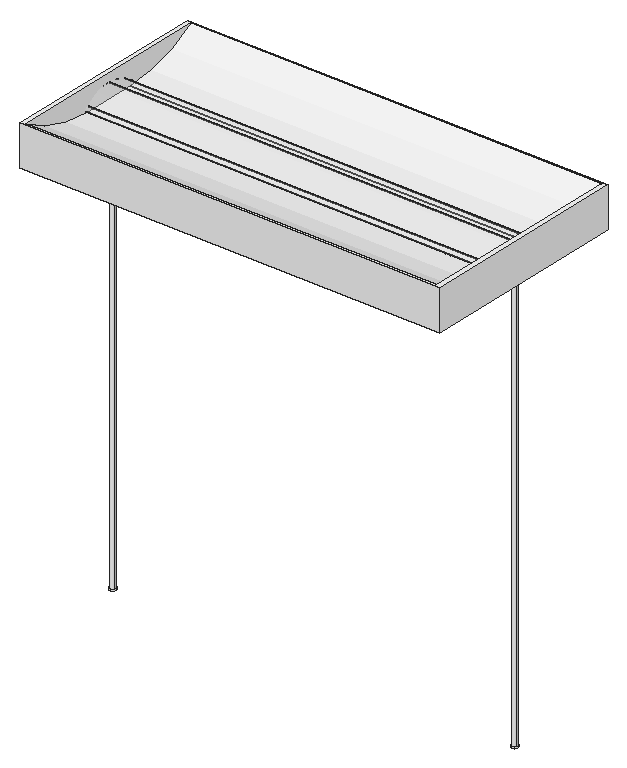
Revit family "LSTE-CM", category Lighting Fixtures, host Face, Revit 2021
Family settings
  Host = Face
  Round Connector Dimension = Use Diameter
  Part Type = Normal
  OmniClass Number = 23.80.70.11
  OmniClass Title = Luminaries for Internal Lighting
  Cut with Voids When Loaded = No
  Light Source = Yes
  Shared = No
  Room Calculation Point = No
Parameters (values of type "LSTE24-50XLG-MPO-EDU")
  zz Length = Row Length - 1.000"  # 47.000"
  Width = 24.000"
  Product Page URL = ""
  Product Documentation Link = ""
  Nominal Watts = 88 W
  Wattage = 88 W
  Warranty = "Five year warranty"  # constant formula
  built-in parameter 1150110 = 1 (stored number, unit not read)
  Voltage = 120 V
  built-in parameter 1114217 = 1 (stored number, unit not read)
  Tilt Angle = 90.00°  # constant formula
  built-in parameter 1150109 = 1 (stored number, unit not read)
  built-in parameter 1150134 = 2
  Suspension Height = 48.000"
  Wattage Comments = "24-88 W"  # constant formula
  URL = "https://www.currentlighting.com/columbia"
  built-in parameter 1150113 = 1 (stored number, unit not read)
  Photometric Web File = "LSTE24-50XLG-MPO-EDU.ies"
  Model = "LSTE24-CM"
  Manufacturer = "Columbia Lighting"  # constant formula
  Row Length = 48.000"
  built-in parameter 1150105 = 3508.6 (stored number, unit not read)
  Lumens = 13071.7 lm
  built-in parameter 1150115 = 1 (stored number, unit not read)
  Lumen Output = "Extra High Lumen"
  Load Classification = Lighting
  built-in parameter 1150137 = (empty or 0)
  built-in parameter 1150139 = (empty or 0)
  built-in parameter 1150112 = 1 (stored number, unit not read)
  built-in parameter 1150114 = 1 (stored number, unit not read)
  Lamp = "LED Lamp"  # constant formula
  Light Bulb = White Glass
  built-in parameter 1150132 = (empty or 0)
  built-in parameter 1150102 = (empty or 0)
  built-in parameter 1150107 = 5000 (stored number, unit not read)
  built-in parameter 1150138 = (empty or 0)
  built-in parameter 1150106 = 35.086 (stored number, unit not read)
  Emit from Rectangle Width = 23.000"
  Emit from Rectangle Length = 47.000"
  Emit Shape Visible in Rendering = no
  built-in parameter 1150104 = 13.8 (stored number, unit not read)
  Dimming Lamp Color Temperature Shift = <None>
  Description = "Stratus® LED Architectural Recessed"  # constant formula
  Default Elevation = 48.000"
  Color Filter = 16777215
  Certifications = "NYC Compliant"  # constant formula
  built-in parameter 1114218 = 1 (stored number, unit not read)
  Backbox = White
  built-in parameter 1150133 = 10 (stored number, unit not read)
  Apparent Load = 0 VA
Types (9): name | zz Length | Nominal Watts | Wattage | built-in parameter 1150134 | Photometric Web File | Model | Row Length | built-in parameter 1150105 | Lumens | Lumen Output | built-in parameter 1150107 | built-in parameter 1150106 | Emit from Rectangle Length
  (no name) | 47.000" | 88 W | 88 W | 2 | "LSTE24-50XLG-MPO-EDU.ies" | "LSTE24-CM" | 48.000" | 3508.6 (stored number, unit not read) | 13071.7 lm | "Extra High Lumen" | 5000 (stored number, unit not read) | 35.086 (stored number, unit not read) | 47.000"
  LSTE24-35XWG-MPO-EDU | 47.000" | 24 W | 24 W | (empty or 0) | "LSTE24-35XWG-MPO-EDU.ies" | "LSTE24-CM" | 48.000" | 283.69 (stored number, unit not read) | 3565.01 lm | "Extra Low Watt" | 3500 (stored number, unit not read) | 2.8369 (stored number, unit not read) | 47.000"
  LSTE24-50XLG-MPO-EDU | 47.000" | 88 W | 88 W | 2 | "LSTE24-50XLG-MPO-EDU.ies" | "LSTE24-CM" | 48.000" | 3508.6 (stored number, unit not read) | 13071.7 lm | "Extra High Lumen" | 5000 (stored number, unit not read) | 35.086 (stored number, unit not read) | 47.000"
  LSTE24-40LWG-MPO-EDU | 47.000" | 43 W | 43 W | 12 | "LSTE24-40LWG-MPO-EDU.ies" | "LSTE24-CM" | 48.000" | 508.29 (stored number, unit not read) | 6387.3 lm | "Low Watt" | 4000 (stored number, unit not read) | 5.0829 (stored number, unit not read) | 47.000"
  LSTE24-30MWG-MPO-EDU | 47.000" | 37 W | 37 W | (empty or 0) | "LSTE24-30MWG-MPO-EDU.ies" | "LSTE24-CM" | 48.000" | 437.36 (stored number, unit not read) | 5496.05 lm | "Medium Low Watt" | 3000 (stored number, unit not read) | 4.3736 (stored number, unit not read) | 47.000"
  LSTE22-50VLG-MPO-EDU | 23.000" | 52 W | 52 W | 2 | "LSTE22-50VLG-MPO-EDU.ies" | "LSTE22-CM" | 24.000" | 614.67 (stored number, unit not read) | 7724.18 lm | "Very High Lumen" | 5000 (stored number, unit not read) | 6.1467 (stored number, unit not read) | 23.000"
  LSTE22-40MLG-MPO-EDU | 23.000" | 40 W | 40 W | 12 | "LSTE22-40MLG-MPO-EDU.ies" | "LSTE22-CM" | 24.000" | 472.82 (stored number, unit not read) | 5941.68 lm | "Medium Lumen" | 4000 (stored number, unit not read) | 4.7282 (stored number, unit not read) | 23.000"
  LSTE22-35HLG-MPO-EDU | 23.000" | 42 W | 42 W | (empty or 0) | "LSTE22-35HLG-MPO-EDU.ies" | "LSTE22-CM" | 24.000" | 496.46 (stored number, unit not read) | 6238.76 lm | "High Lumen" | 3500 (stored number, unit not read) | 4.9646 (stored number, unit not read) | 23.000"
  LSTE22-30LWG-MPO-EDU | 23.000" | 29 W | 29 W | (empty or 0) | "LSTE22-30LWG-MPO-EDU.ies" | "LSTE22-CM" | 24.000" | 342.8 (stored number, unit not read) | 4307.72 lm | "Low Watt" | 3000 (stored number, unit not read) | 3.428 (stored number, unit not read) | 23.000"
Reference planes (in)
  plane 1 "Center (Front/Back)": y = 0.03999
  plane 2: z = 0
  plane 3 "Center (Left/Right)": x = 1.66944
  plane 4: x = -22.33056
  plane 5: x = 25.66944
  plane 6: z = 48
  plane 7: x = -21.33056
  plane 8: x = 24.66944
  plane 9: z = 51.5
Forms (in)
  Revolve 1, solid, material "White" <- "Backbox"
    sketch origin (0, 0.03999, 0) x (1, 0, 0) y (0, 0, 1)
      loop
        line (-21.33056, 48) -> (-21.33056, 0) -> (-20.97056, 0) -> (-20.97056, 0.1) -> (-21.09056, 0.1) -> (-21.09056, 47.9) -> (-20.97056, 47.9) -> (-20.97056, 48) -> (-21.33056, 48)
      axis (-21.33056, 48) -> (-21.33056, 0)
    angle from 0 to 360
  Revolve 2, solid, material "White" <- "Backbox"
    sketch origin (0, 0.03999, 0) x (1, 0, 0) y (0, 0, 1)
      loop
        line (24.66944, 48) -> (24.66944, 0) -> (25.02944, 0) -> (25.02944, 0.1) -> (24.90944, 0.1) -> (24.90944, 47.9) -> (25.02944, 47.9) -> (25.02944, 48) -> (24.66944, 48)
      axis (24.66944, 48) -> (24.66944, 0)
    angle from 0 to 360
Dimensions and locks (in)
  equal spacing: plane 5, plane 3 "Center (Left/Right)", plane 4
  "Suspension Height": plane 6 to level
  equal spacing: plane 8, plane 3 "Center (Left/Right)", plane 7
  locked: plane 7 to plane 4 at 1
  "Row Length": plane 5 to plane 4
  locked: Revolve 1 sketch curve to level at 0.1
  locked: plane 6 to Revolve 2 sketch curve at 0.1
  locked: plane 8 to Revolve 2 sketch curve at 0.24
  locked: Revolve 2 sketch curve to Revolve 2 sketch curve at 0.36
  locked: plane 8 to Revolve 2 sketch curve at 0.36
  locked: Revolve 2 sketch curve to plane 2 at 0.1
  locked: Revolve 1 sketch curve to plane 7 at 0.24
  Revolve 1 sketch curve to plane 2 = 0.100"
  locked: plane 7 to Revolve 1 sketch curve at 0.36
  locked: Revolve 1 sketch curve to plane 7 at 0.36
  locked: plane 9 to plane 6 at 3.5
  aligned and locked: plane 2 to host face
  aligned and locked: level to host face
  aligned and locked: Revolve 1 sketch curve to plane 7
  aligned and locked: Revolve 1 sketch curve to plane 6
  aligned and locked: host face to Revolve 1 sketch curve
  aligned and locked: Revolve 1 sketch curve to Revolve 1 sketch curve
  aligned and locked: Revolve 2 sketch curve to Revolve 2 sketch curve
  aligned and locked: plane 8 to Revolve 2 sketch curve
  aligned and locked: plane 3 "Center (Left/Right)" to nested 1
  aligned and locked: plane 1 "Center (Front/Back)" to nested 1
  aligned and locked: plane 2 to Revolve 2 sketch curve
  aligned and locked: Revolve 2 sketch curve to plane 6
  aligned and locked: Revolve 2 to Revolve 1
  aligned and locked: imposter light to plane 3 "Center (Left/Right)"
  aligned and locked: plane 9 to imposter light
  aligned and locked: plane 1 "Center (Front/Back)" to imposter light
Automatic sketch dimensions
  host sketch curve to host sketch curve = 96.000"  (x2)
  Revolve 1 sketch curve to plane 6 = 0.100"
  Revolve 1 sketch curve to level = 8.000"
  Revolve 1 sketch curve to Revolve 1 sketch curve = 2.500"
  plane 8 to Revolve 2 sketch curve = 0.000"
  Revolve 2 sketch curve to Revolve 2 sketch curve = 8.000"
  Revolve 2 sketch curve to Revolve 2 sketch curve = 2.500"
Nested families (in)
  nested 1: "LSTE Fixture" at (1.66944, 0.03999, 48), Glass <- "Light Bulb", Finish <- "Backbox", Row Length <- "Row Length", Width <- "Width", type "LSTE Fixture"
    with Width 24.000", Row Length 48.000", Height 4.625", Glass White Glass, Finish White
Connectors (in)
  electrical at (24.66944, 0.03999, 48), driven by "Voltage", driven by "Apparent Load", driven by "Load Classification"
    settings: on Revolve 2, index 1, voltage 120 V, apparent load 0 VA, apparent load phase1 0 VA, apparent load phase2 0 VA, apparent load phase3 0 VA, power factor 1, load classification "Lighting", number of poles 1, system type 30, power factor state 1, is connector primary yes, connector utility no, sub classification motor no, connector description "Electrical Connector"
Definition of nested family "LSTE Fixture"
  Parameters
    Width [instance] = 24.000"
    Row Length [instance] = 24.000"
    Height [instance] = 4.000"
    Glass [instance] = none
    Finish [instance] = none
    Default Elevation = 48.000"
  Reference planes (in)
    plane 1 "Center (Front/Back)": y = 0
    plane 2: z = 0
    plane 3 "Center (Left/Right)": x = 0
    plane 4: x = 12
    plane 5: x = -12
    plane 6: y = -12
    plane 7: y = 12
    plane 8: z = 4
    plane 9: x = -11.5
    plane 10: x = 11.5
    plane 11: y = -3
    plane 12: y = 3
    plane 13: z = 2
    plane 14: y = -11.75
    plane 15: y = 11.75
    plane 16: z = 0.25
  Forms (in)
    Extrusion 1, solid
      sketch origin (0, 0, 0) x (1, 0, 0) y (0, 1, 0)
        loop
          line (-48, 48) -> (-48, -48) -> (48, -48) -> (48, 48) -> (-48, 48)
      from 0 to -12
    Extrusion 2, solid, material <- "Glass"
      sketch origin (0, 0, 0) x (0, 1, 0) y (0, 0, 1)
        loop
          arc (-3.0054, 2) -> (-3.2554, 2.25) -> (-3.0054, 2.5) r 0.25
          arc (-3.0054, 2.5) -> (-1.62233, 3.40315) -> (0, 3.71395) r 4.27102
          arc (0, 3.71395) -> (1.62233, 3.40315) -> (3.0054, 2.5) r 4.27102
          arc (3.0054, 2.5) -> (3.2554, 2.25) -> (3.0054, 2) r 0.25
          line (3.0054, 2) -> (3.0054, 1.89823)
          arc (3.0054, 1.89823) -> (3.35619, 2.24902) -> (3.0054, 2.59982) r 0.35079
          arc (3.0054, 2.59982) -> (1.6184, 3.48995) -> (0, 3.80122) r 4.35698
          arc (0, 3.80122) -> (-1.6184, 3.48995) -> (-3.0054, 2.59982) r 4.35698
          arc (-3.0054, 2.59982) -> (-3.35619, 2.24902) -> (-3.0054, 1.89823) r 0.35079
          line (-3.0054, 1.89823) -> (-3.0054, 2)
      from -11.5 to 11.5
    Extrusion 3, solid, material <- "Finish"
      sketch origin (0, 0, 0) x (0, 1, 0) y (0, 0, 1)
        loop
          line (-12, 4) -> (-12, 0) -> (12, 0) -> (12, 4) -> (-12, 4)
      from 11.5 to 12
    Extrusion 4, solid, material <- "Finish"
      sketch origin (0, 0, 0) x (0, 1, 0) y (0, 0, 1)
        loop
          line (12, 4) -> (-12, 4) -> (-12, 0) -> (12, 0) -> (12, 4)
      from -12 to -11.5
    Extrusion 5, solid, material <- "Finish"
      sketch origin (0, 0, 0) x (0, 1, 0) y (0, 0, 1)
        loop
          line (-12, 0) -> (12, 0) -> (12, 4) -> (11.75, 4) -> (11.75, 0.25) -> (-11.75, 0.25) -> (-11.75, 4) -> (-12, 4) -> (-12, 0)
      from -11.5 to 11.5
    Extrusion 6, solid, material <- "Finish"
      sketch origin (0, 0, 0) x (0, 1, 0) y (0, 0, 1)
        loop
          arc (-3, 2) -> (-7.48783, 2.50637) -> (-11.75, 4) r 20.14062
          line (-11.75, 4) -> (-11.75, 0.25) -> (11.75, 0.25) -> (11.75, 4)
          arc (11.75, 4) -> (7.48783, 2.50637) -> (3, 2) r 20.14062
          line (3, 2) -> (-3, 2)
      from -12 to 12
  Cuts and joins
    joined: Extrusion 3, Extrusion 4, Extrusion 5, Extrusion 6
  Dimensions and locks (in)
    equal spacing: plane 4, plane 3 "Center (Left/Right)", plane 5
    "Row Length": plane 4 to plane 5
    equal spacing: plane 6, plane 1 "Center (Front/Back)", plane 7
    "Width": plane 6 to plane 7
    "Height": plane 8 to plane 2
    equal spacing: plane 10, plane 3 "Center (Left/Right)", plane 9
    locked: plane 9 to plane 5 at 0.5
    equal spacing: plane 11, plane 1 "Center (Front/Back)", plane 12
    locked: plane 11 to plane 1 "Center (Front/Back)" at 3
    locked: plane 6 to plane 14 at 0.25
    equal spacing: plane 14, plane 1 "Center (Front/Back)", plane 15
    locked: plane 16 to level at 0.25
    level to Extrusion 5 = 4.000"
    aligned and locked: plane 2 to Extrusion 1
    aligned and locked: level to Extrusion 1
    aligned and locked: Extrusion 2 to plane 10
    aligned and locked: Extrusion 2 to plane 9
    aligned and locked: plane 8 to Extrusion 3 sketch curve
    aligned and locked: plane 6 to Extrusion 3 sketch curve
    aligned and locked: level to Extrusion 3 sketch curve
    aligned and locked: Extrusion 3 sketch curve to plane 7
    aligned and locked: plane 4 to Extrusion 3
    aligned and locked: plane 10 to Extrusion 3
    aligned and locked: Extrusion 4 sketch curve to Extrusion 3  (x4)
    aligned and locked: Extrusion 4 to plane 5
    aligned and locked: plane 9 to Extrusion 4
    aligned and locked: Extrusion 5 sketch curve to Extrusion 3  (x4)
    aligned and locked: plane 8 to Extrusion 5 sketch curve
    aligned and locked: Extrusion 5 sketch curve to plane 14
    aligned and locked: plane 16 to Extrusion 5 sketch curve
    aligned and locked: Extrusion 5 sketch curve to plane 15
    aligned and locked: Extrusion 5 to plane 10
    aligned and locked: Extrusion 5 to plane 9
    aligned and locked: plane 13 to Extrusion 6 sketch curve
    aligned and locked: plane 12 to Extrusion 6 sketch curve
    aligned and locked: plane 11 to Extrusion 6 sketch curve
    aligned and locked: Extrusion 6 sketch curve to plane 14
    aligned and locked: plane 16 to Extrusion 6 sketch curve
    aligned and locked: Extrusion 6 sketch curve to plane 15
    aligned and locked: plane 4 to Extrusion 6
    aligned and locked: Extrusion 6 to plane 5
  Automatic sketch dimensions
    Extrusion 1 sketch curve to Extrusion 1 sketch curve = 96.000"  (x2)
    plane 13 to Extrusion 2 sketch curve = 0.000"  (x2)
    Extrusion 2 sketch curve to plane 1 "Center (Front/Back)" = 0.000"  (x2)
    plane 1 "Center (Front/Back)" to Extrusion 2 sketch curve = 0.00113"
    Extrusion 2 sketch curve to Extrusion 2 sketch curve = 0.0216"  (x2)
    Extrusion 2 sketch curve to plane 11 = 0.0054"
    Extrusion 2 sketch curve to plane 1 "Center (Front/Back)" = 0.00113"
    Extrusion 2 sketch curve to plane 12 = 0.0054"
    plane 13 to Extrusion 2 sketch curve = 0.10177"  (x2)
    Extrusion 2 sketch curve to level = 0.55575"
    Extrusion 2 sketch curve to Extrusion 2 sketch curve = 0.000"
    Extrusion 2 sketch curve to Extrusion 2 sketch curve = 0.00126"  (x2)
    Extrusion 2 sketch curve to Extrusion 2 sketch curve = 0.24902"
    Extrusion 2 sketch curve to Extrusion 2 sketch curve = 0.00098"
    plane 8 to Extrusion 6 sketch curve = 0.000"  (x2)
